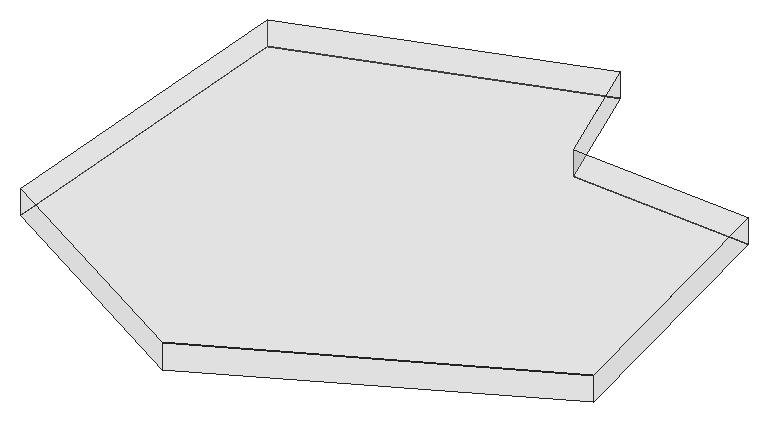
Revit family "GC_ProgettoFinale_Famiglia2", category Generic Models, Revit 2016
Family settings
  Part Type = Normal
  Can host rebar = No
  Round Connector Dimension = Use Diameter
  Work Plane-Based = No
  Always vertical = Yes
  Cut with Voids When Loaded = No
  Shared = No
  Room Calculation Point = No
Parameters (values of type "+ 2.75")
  Tavolo = 900 mm
  Sedia = 1400 mm
  Letto = 1500 mm
  Altezza = 0 mm
Types (12, lengths in mm): name | Tavolo | Sedia | Letto | Altezza
  (no name) | 900 | 1400 | 1500 | 0
  + 0.25 | 400 | 1800 | 1500 | 250
  + 0.50 | 400 | 1800 | 1500 | 250
  + 0.75 | 1200 | 1000 | 900 | 250
  + 1.00 | 400 | 1000 | 900 | 250
  + 1.25 | 400 | 1000 | 900 | 250
  + 1.50 | 500 | 1000 | 1000 | 250
  + 1.75 | 500 | 1000 | 1100 | 250
  + 2.00 | 600 | 1100 | 1200 | 250
  + 2.25 | 700 | 1200 | 1300 | 250
  + 2.50 | 800 | 1300 | 1400 | 250
  + 2.75 | 900 | 1400 | 1500 | 0
Reference planes
  plane 1 "Center (Front/Back)": y = 0
  plane 2: z = 0
  plane 3 "Center (Left/Right)": x = 0
Forms (mm)
  Extrusion 1, solid, material "POLICARBONATO"
    sketch origin (0, 0, 0) x (1, 0, 0) y (0, 1, 0)
      loop
        line (1220.234, 2758.008) -> (-1520.555, 1650.658) -> (-1342.476, -1747.281) -> (1124.416, -3004.225) -> (4153.219, -1255.545) -> (3511.036, 1526.056) -> (1717.975, 1526.056) -> (1220.234, 2758.008)
    from 0 to 250
Lines and regions (mm)
  reference lines
    curve 1: line (-1520.555, 1650.658, 0) -> (1220.234, 2758.008, 0)
    curve 2: line (1220.234, 2758.008, 0) -> (1717.975, 1526.056, 0)
    curve 3: line (1717.975, 1526.056, 0) -> (3511.036, 1526.056, 0)
    curve 4: line (3511.036, 1526.056, 0) -> (4153.219, -1255.545, 0)
    curve 5: line (4153.219, -1255.545, 0) -> (1124.416, -3004.225, 0)
    curve 6: line (1124.416, -3004.225, 0) -> (-1342.476, -1747.281, 0)
    curve 7: line (-1342.476, -1747.281, 0) -> (-1520.555, 1650.658, 0)
  model lines
    curve 8: line (-1342.476, -1747.281, 0) -> (1124.416, -3004.225, 0)
    curve 9: line (1124.416, -3004.225, 0) -> (4153.219, -1255.545, 0)
    curve 10: line (4153.219, -1255.545, 0) -> (3511.036, 1526.056, 0)
    curve 11: line (3511.036, 1526.056, 0) -> (1717.975, 1526.056, 0)
    curve 12: line (1717.975, 1526.056, 0) -> (1220.234, 2758.008, 0)
    curve 13: line (1220.234, 2758.008, 0) -> (-1520.555, 1650.658, 0)
    curve 14: line (-1520.555, 1650.658, 0) -> (-1342.476, -1747.281, 0)
    curve 15: line (-1520.555, 1650.658, 0) -> (-1342.476, -1747.281, 0)
    curve 16: line (-1520.555, 1650.658, 0) -> (-1342.476, -1747.281, 0)
    curve 17: line (-1520.555, 1650.658, 0) -> (-1342.476, -1747.281, 0)
Dimensions and locks
  aligned and locked: level to plane 2
